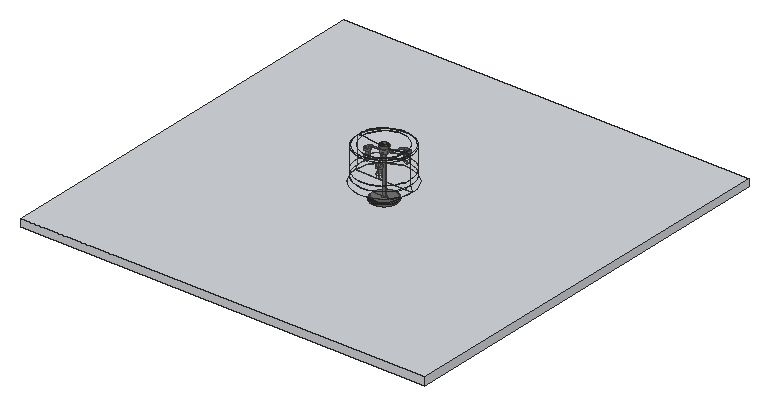
Revit family "P350153-031", category Lighting Fixtures, host Face, Revit 2014
Parameters (values of type "P350153-031")
  Watts = 60 W
  Wattage Comments = "60W"
  Warranty = "5 years Warranty"  # constant formula
  Voltage = 120 V
  URL = "https://www.hubbell.com/progresslighting/en"
  Product Link = "https://www.hubbell.com/progresslighting/en/Products/Lighting-Controls/Residential-Indoor-Lighting/New-Indoor-Products/Winslett-Collection-Black-Three-Light-Semi-Flush-Convertible/p/3980574"
  Product Documentation Link = "https://hubbellcdn.com/specsheet/PROG_P350153-031_spec.pdf"
  Power Factor = 1
  Model = "P350153-031"  # constant formula
  Manufacturer = "Progress Lighting"  # constant formula
  Load Classification = Lighting
  Diameter = 13 3/4"
  Lamp = "LED"  # constant formula
  Housing Material = Paint - Hubbell - Textured Camera Black
  Glass = Hubbell - Glass
  Fixture distribution = "Direct"  # constant formula
  Features = "• Lightly seeded glass shade rest in shiny pedestal light bases that add an unexpected, but\r\nwelcomed dash of modern personality to this clean, traditional design.\r\n• Savor this fresh take on a classic light choice as your gaze traces graceful arms and clean,\r\ncrisp lines coated in a gorgeous black finish.\r\n• Immerse yourself in a home atmosphere primed for relaxation and inspired thinking with the\r\nsemi-flush mount’s beautiful craftmanship.\r\n• Ideal for any hall, foyer, stairways, or kitchen.\r\n• Perfect for transitional, rustic, farmhouse, or coastal settings.\r\n• Measures 13-3/4-inch width by 11-7/8-inch height.\r\n• Use three candelabra base bulb that is sold separately (60w max - LED or incandescent).\r\n• Able to be fully dimmable with dimmable bulbs.\r\n• Includes installation instructions and mounting hardware.\r\n• Progress Lighting products are designed for exceptional quality, reliability, and functionality"  # constant formula
  Height = 11 7/8"
  Description = "Immerse yourself in a home atmosphere primed for relaxation and inspired\r\nthinking with the beautiful craftsmanship of this semi-flush mount. Savor\r\nthis fresh take on a classic light choice as your gaze traces graceful arms\r\nand clean, crisp lines coated in a gorgeous black finish. Lightly seeded glass\r\nshade rest in shiny pedestal light bases that add an unexpected, but welcomed dash of modern personality to this clean, traditional design"  # constant formula
  Default Elevation = 48"
  Copyright = " ©2020 Progress Lighting, a division of Hubbell Lighting, Inc"  # constant formula
  Contact = "https://www.hubbell.com/progresslighting/en/contactUs"
  Connector Description = "Lighting Connector"  # constant formula
  Assembly Code = "D5020200"
  Apparent Load = Watts / Power Factor  # 60 VA
Reference planes (in)
  plane 1 "Center (Front/Back)": y = 0
  plane 2: z = 0.5561
  plane 3 "Center (Left/Right)": x = 0
  plane 4: x = -6.875
  plane 5: x = 6.875
  plane 6: y = 6.875
  plane 7: y = -6.875
  plane 8: z = 12.4311
  plane 9: z = 51.0561
Forms (in)
  Extrusion 1, solid
    sketch origin (0, 0, 0) x (1, 0, 0) y (0, 1, 0)
      loop
        line (-48, 48) -> (-48, -48) -> (48, -48) -> (48, 48) -> (-48, 48)
    from 0.5561 to -1.25
  Revolve 2, solid, material "Paint - Hubbell - Textured Camera Black" <- "Housing Material"
    sketch origin (0, 0, 0) x (1, 0, 0) y (0, 0, 1)
      loop
        line (0, 0.5561) -> (3, 0.5561) -> (3, 0.8061) -> (2.75, 0.8061) -> (2.75, 0.95756) -> (2.65256, 0.95756) -> (2.65256, 1.07873) -> (0.40256, 1.07873) -> (0.40256, 1.14825) -> (0.28723, 1.14825) -> (0.28723, 10.4311) -> (0.78723, 10.4311) -> (0.78723, 11.16232) -> (0.28723, 11.16232) -> (0.28723, 11.6186) -> (0.95618, 11.6186) -> (0.95618, 11.9936) -> (0.56602, 11.9936) -> (0.56602, 12.08923) -> (0.49583, 12.08923) -> (0.49583, 12.13937) -> (0.66965, 12.13937) -> (0.66965, 12.23296) -> (0, 12.23296) -> (0, 11.9936) -> (0, 0.5561)
      axis (0, 12.23296) -> (0, 0.5561)
    angle from 0 to 360
  Revolve 3, solid, material "Hubbell - Glass" <- "Glass"
    sketch origin (0, 0, 0) x (1, 0, 0) y (0, 0, 1)
      loop
        line (0, 4.20553) -> (6.875, 4.20553)
        arc (6.875, 4.20553) -> (6.52708, 4.80815) -> (6.40625, 5.49341) r 2.00359
        line (6.40625, 5.49341) -> (6.40625, 6.74341) -> (6.40625, 11.75629)
        arc (6.40625, 11.75629) -> (6.33755, 11.92842) -> (6.1692, 12.00595) r 0.25
        line (6.1692, 12.00595) -> (5.1692, 12.00595)
        arc (5.1692, 12.00595) -> (2.59982, 11.60754) -> (0, 11.64449) r 15.49049
        line (0, 11.64449) -> (0, 4.20553)
      axis (0, 12.00595) -> (0, 4.20553)
    angle from 0 to 360
  Revolve 4, solid, material "Paint - Hubbell - Textured Camera Black" <- "Housing Material"
    sketch origin (0, 0, 0) x (1, 0, 0) y (0, 0, 1)
      loop
        line (-4.01672, 9.97305) -> (-4.01672, 8.72305) -> (-3.80156, 8.72305) -> (-3.64172, 8.72305) -> (-3.64172, 9.72305) -> (-3.32922, 9.72305) -> (-3.32922, 9.97305) -> (-4.01672, 9.97305)
      axis (-4.01672, 9.97305) -> (-4.01672, 8.72305)
    angle from 0 to 360
  Sweep 5, solid, material "Paint - Hubbell - Textured Camera Black" <- "Housing Material"
    path origin (0, 0, 0) x (1, 0, 0) y (0, 0, 1)
      loop
        arc (-4.01672, 9.97305) -> (-3.80961, 10.47305) -> (-3.30961, 10.68015) r 0.70711
        line (-3.30961, 10.68015) -> (-0.30961, 10.68015)
    profile origin (-3.80961, 0, 10.47305) x (-0.707107, 0, 0.707107) y (0, -1, 0)
      loop
        circle (0, 0) r 0.1
  Revolve 6, solid, material "Hubbell - Glass" <- "Glass"
    sketch origin (0, 0, 0) x (1, 0, 0) y (0, 0, 1)
      loop
        line (-4.01672, 8.72305) -> (-4.01672, 7.04688)
        arc (-4.01672, 7.04688) -> (-3.91657, 7.07194) -> (-3.83191, 7.13102) r 0.28506
        arc (-3.83191, 7.13102) -> (-3.51771, 7.62137) -> (-3.44363, 8.19902) r 1.32745
        arc (-3.44363, 8.19902) -> (-3.58015, 8.52894) -> (-3.87982, 8.72305) r 0.60051
        line (-3.87982, 8.72305) -> (-4.01672, 8.72305)
      axis (-4.01672, 8.72305) -> (-4.01672, 7.04688)
    angle from 0 to 360
  Revolve 7, solid, material "Paint - Hubbell - Textured Camera Black" <- "Housing Material"
    sketch origin (0.43085, 0.24875, 0) x (-0.5, -0.866025, 0) y (0, 0, 1)
      loop
        line (-4.01672, 9.97305) -> (-4.01672, 8.72305) -> (-3.80156, 8.72305) -> (-3.64172, 8.72305) -> (-3.64172, 9.72305) -> (-3.32922, 9.72305) -> (-3.32922, 9.97305) -> (-4.01672, 9.97305)
      axis (-4.01672, 9.97305) -> (-4.01672, 8.72305)
    angle from 0 to 360
  Sweep 8, solid, material "Paint - Hubbell - Textured Camera Black" <- "Housing Material"
    path origin (0.43085, 0.24875, 0) x (-0.5, -0.866025, 0) y (0, 0, 1)
      loop
        arc (-4.01672, 9.97305) -> (-3.80961, 10.47305) -> (-3.30961, 10.68015) r 0.70711
        line (-3.30961, 10.68015) -> (-0.30961, 10.68015)
    profile origin (2.33565, 3.54797, 10.47305) x (0.353553, 0.612372, 0.707107) y (-0.866025, 0.5, 0)
      loop
        circle (0, 0) r 0.1
  Revolve 9, solid, material "Hubbell - Glass" <- "Glass"
    sketch origin (0.43085, 0.24875, 0) x (-0.5, -0.866025, 0) y (0, 0, 1)
      loop
        line (-4.01672, 8.72305) -> (-4.01672, 7.04688)
        arc (-4.01672, 7.04688) -> (-3.91657, 7.07194) -> (-3.83191, 7.13102) r 0.28506
        arc (-3.83191, 7.13102) -> (-3.51771, 7.62137) -> (-3.44363, 8.19902) r 1.32745
        arc (-3.44363, 8.19902) -> (-3.58015, 8.52894) -> (-3.87982, 8.72305) r 0.60051
        line (-3.87982, 8.72305) -> (-4.01672, 8.72305)
      axis (-4.01672, 8.72305) -> (-4.01672, 7.04688)
    angle from 0 to 360
  Revolve 10, solid, material "Paint - Hubbell - Textured Camera Black" <- "Housing Material"
    sketch origin (0, -0.4975, 0) x (-0.5, 0.866025, 0) y (0, 0, 1)
      loop
        line (-4.01672, 9.97305) -> (-4.01672, 8.72305) -> (-3.80156, 8.72305) -> (-3.64172, 8.72305) -> (-3.64172, 9.72305) -> (-3.32922, 9.72305) -> (-3.32922, 9.97305) -> (-4.01672, 9.97305)
      axis (-4.01672, 9.97305) -> (-4.01672, 8.72305)
    angle from 0 to 360
  Sweep 11, solid, material "Paint - Hubbell - Textured Camera Black" <- "Housing Material"
    path origin (0, -0.4975, 0) x (-0.5, 0.866025, 0) y (0, 0, 1)
      loop
        arc (-4.01672, 9.97305) -> (-3.80961, 10.47305) -> (-3.30961, 10.68015) r 0.70711
        line (-3.30961, 10.68015) -> (-0.30961, 10.68015)
    profile origin (1.9048, -3.79672, 10.47305) x (0.353553, -0.612372, 0.707107) y (0.866025, 0.5, 0)
      loop
        circle (0, 0) r 0.1
  Revolve 12, solid, material "Hubbell - Glass" <- "Glass"
    sketch origin (0, -0.4975, 0) x (-0.5, 0.866025, 0) y (0, 0, 1)
      loop
        line (-4.01672, 8.72305) -> (-4.01672, 7.04688)
        arc (-4.01672, 7.04688) -> (-3.91657, 7.07194) -> (-3.83191, 7.13102) r 0.28506
        arc (-3.83191, 7.13102) -> (-3.51771, 7.62137) -> (-3.44363, 8.19902) r 1.32745
        arc (-3.44363, 8.19902) -> (-3.58015, 8.52894) -> (-3.87982, 8.72305) r 0.60051
        line (-3.87982, 8.72305) -> (-4.01672, 8.72305)
      axis (-4.01672, 8.72305) -> (-4.01672, 7.04688)
    angle from 0 to 360
Dimensions and locks (in)
  "Diameter": plane 4 to plane 5
  "Diameter": plane 7 to plane 6
  "Height": plane 8 to plane 2
  equal spacing: plane 7, plane 1 "Center (Front/Back)", plane 6
  equal spacing: plane 4, plane 3 "Center (Left/Right)", plane 5
  plane 8 to Extrusion 1 = 11 7/8"
  plane 9 to plane 8 to plane 2 = 38 5/8", 11 7/8"
  aligned and locked: plane 2 to Extrusion 1
Automatic sketch dimensions
  Extrusion 1 sketch curve to Extrusion 1 sketch curve = 96"  (x2)
  plane 4 to Revolve 4 sketch curve = 3.07344"
  Revolve 4 sketch curve to Revolve 4 sketch curve = 0.15984"
  Revolve 4 sketch curve to Revolve 4 sketch curve = 5/16"
  Revolve 4 sketch curve to plane 8 = 3.70806"
  Revolve 4 sketch curve to Revolve 4 sketch curve = 1"
  Revolve 4 sketch curve to Revolve 4 sketch curve = 1/4"
  Revolve 4 sketch curve to Revolve 4 sketch curve = 3/8"
  plane 4 to Revolve 4 sketch curve = 2.85828"
  Revolve 4 sketch curve to Revolve 4 sketch curve = 3 3/4"
  Revolve 4 sketch curve to Revolve 4 sketch curve = 1/2"
  Sweep 5 sketch curve to plane 3 "Center (Left/Right)" = 3.30961"
  Sweep 5 sketch curve to plane 8 = 2.45806"
  Sweep 5 sketch curve to Sweep 5 sketch curve = 0.70711"
  Sweep 5 sketch curve to plane 3 "Center (Left/Right)" = 0.30961"
  plane 1 "Center (Front/Back)" to Sweep 5 sketch curve = 0"
  Sweep 5 sketch curve to profile plane = 0"
  plane 4 to Revolve 6 sketch curve = 2.10972"
  Revolve 6 sketch curve to Revolve 6 sketch curve = 0.74856"
  Revolve 6 sketch curve to Revolve 6 sketch curve = 0.01796"  (x2)
  Revolve 6 sketch curve to Revolve 6 sketch curve = 0.02497"
  Revolve 6 sketch curve to plane 8 = 5.38422"
  Revolve 6 sketch curve to Revolve 6 sketch curve = 0.28449"
  Revolve 6 sketch curve to Revolve 6 sketch curve = 0.74355"
  Revolve 6 sketch curve to Revolve 6 sketch curve = 0.06984"
  Revolve 6 sketch curve to Revolve 6 sketch curve = 0"  (x3)
  Revolve 6 sketch curve to Revolve 6 sketch curve = 0.13689"
  Revolve 6 sketch curve to Revolve 6 sketch curve = 0.14167"
  Revolve 7 sketch curve to plane 8 = 2.45806"
  Revolve 7 sketch curve to Revolve 7 sketch curve = 0.21516"
  Revolve 7 sketch curve to Revolve 7 sketch curve = 3/8"
  Revolve 7 sketch curve to Revolve 7 sketch curve = 5/16"
  Revolve 7 sketch curve to Revolve 7 sketch curve = 1/4"
  Revolve 7 sketch curve to Revolve 7 sketch curve = 1"
  Revolve 7 sketch curve to Revolve 7 sketch curve = 0"
  Revolve 7 sketch curve to Revolve 7 sketch curve = 3 3/4"
  Revolve 7 sketch curve to Revolve 7 sketch curve = 1/2"
  Sweep 8 sketch curve to plane 8 = 1.75095"
  Sweep 8 sketch curve to Sweep 8 sketch curve = 0.70711"
  Sweep 8 sketch curve to Sweep 8 sketch curve = 3"
  profile plane to Sweep 8 sketch curve = 0"
  Sweep 8 sketch curve to profile plane = 0"
  Revolve 9 sketch curve to plane 8 = 4.35618"
  Revolve 9 sketch curve to Revolve 9 sketch curve = 0.72359"
  Revolve 9 sketch curve to Revolve 9 sketch curve = 0.00701"
  Revolve 9 sketch curve to Revolve 9 sketch curve = 0.02497"
  Revolve 9 sketch curve to Revolve 9 sketch curve = 0.13689"
  Revolve 9 sketch curve to Revolve 9 sketch curve = 0.74355"
  Revolve 9 sketch curve to Revolve 9 sketch curve = 0.28449"
  Revolve 9 sketch curve to Revolve 9 sketch curve = 0.06984"
  Revolve 9 sketch curve to Revolve 9 sketch curve = 0.57828"
  Revolve 9 sketch curve to Revolve 9 sketch curve = 0.01796"
  Revolve 9 sketch curve to Revolve 9 sketch curve = 0.18481"
  Revolve 9 sketch curve to Revolve 9 sketch curve = 0.14167"
  Revolve 9 sketch curve to Revolve 9 sketch curve = 0"
  Revolve 10 sketch curve to plane 8 = 2.45806"
  Revolve 10 sketch curve to Revolve 10 sketch curve = 0.21516"
  Revolve 10 sketch curve to Revolve 10 sketch curve = 3/8"
  Revolve 10 sketch curve to Revolve 10 sketch curve = 5/16"
  Revolve 10 sketch curve to Revolve 10 sketch curve = 1/4"
  Revolve 10 sketch curve to Revolve 10 sketch curve = 1"
  Revolve 10 sketch curve to Revolve 10 sketch curve = 0"
  Revolve 10 sketch curve to Revolve 10 sketch curve = 3 3/4"
  Revolve 10 sketch curve to Revolve 10 sketch curve = 1/2"
  Sweep 11 sketch curve to plane 8 = 1.75095"
  Sweep 11 sketch curve to Sweep 11 sketch curve = 0.70711"
  Sweep 11 sketch curve to Sweep 11 sketch curve = 3"
  Sweep 11 sketch curve to profile plane = 0"  (x2)
  Revolve 12 sketch curve to plane 8 = 4.35618"
  Revolve 12 sketch curve to Revolve 12 sketch curve = 0.72359"
  Revolve 12 sketch curve to Revolve 12 sketch curve = 0.00701"
  Revolve 12 sketch curve to Revolve 12 sketch curve = 0.02497"
  Revolve 12 sketch curve to Revolve 12 sketch curve = 0.13689"
  Revolve 12 sketch curve to Revolve 12 sketch curve = 0.74355"
  Revolve 12 sketch curve to Revolve 12 sketch curve = 0.28449"
  Revolve 12 sketch curve to Revolve 12 sketch curve = 0.06984"
  Revolve 12 sketch curve to Revolve 12 sketch curve = 0.57828"
  Revolve 12 sketch curve to Revolve 12 sketch curve = 0.01796"
  Revolve 12 sketch curve to Revolve 12 sketch curve = 0.18481"
  Revolve 12 sketch curve to Revolve 12 sketch curve = 0.14167"
  Revolve 12 sketch curve to Revolve 12 sketch curve = 0"
  Revolve 3 sketch curve to plane 3 "Center (Left/Right)" = 0"  (x2)
  Revolve 3 sketch curve to plane 5 = 0"
  plane 3 "Center (Left/Right)" to Revolve 3 sketch curve = 1.51926"
  Revolve 3 sketch curve to Revolve 3 sketch curve = 0.01295"
  Revolve 3 sketch curve to plane 5 = 15/32"
  plane 5 to Revolve 3 sketch curve = 1.53484"
  plane 2 to Revolve 3 sketch curve = 3.64943"
  Revolve 3 sketch curve to Revolve 3 sketch curve = 1 1/4"
  Revolve 3 sketch curve to plane 8 = 0.67482"
  Revolve 3 sketch curve to plane 8 = 0.42515"
  Revolve 3 sketch curve to Revolve 3 sketch curve = 1"
  Revolve 3 sketch curve to level = 0.2564"
  Revolve 3 sketch curve to plane 8 = 0.78662"
  plane 8 to Revolve 3 sketch curve = 2 3/4"
  Revolve 2 sketch curve to plane 3 "Center (Left/Right)" = 0"  (x2)
  Revolve 2 sketch curve to plane 2 = 0"
  plane 3 "Center (Left/Right)" to Revolve 2 sketch curve = 0.28723"  (x2)
  Revolve 2 sketch curve to Revolve 2 sketch curve = 0.11533"
  plane 3 "Center (Left/Right)" to Revolve 2 sketch curve = 0.49583"
  Revolve 2 sketch curve to Revolve 2 sketch curve = 0.0702"
  Revolve 2 sketch curve to Revolve 2 sketch curve = 0.10362"
  Revolve 2 sketch curve to Revolve 2 sketch curve = 1/2"
  Revolve 2 sketch curve to Revolve 2 sketch curve = 0.28653"
  plane 2 to Revolve 2 sketch curve = 0.40146"
  Revolve 2 sketch curve to Revolve 2 sketch curve = 2 1/4"
  Revolve 2 sketch curve to Revolve 2 sketch curve = 0.09744"
  Revolve 2 sketch curve to Revolve 2 sketch curve = 1/4"  (x2)
  Revolve 2 sketch curve to Revolve 2 sketch curve = 0.12116"
  Revolve 2 sketch curve to Revolve 2 sketch curve = 0.06953"
  Revolve 2 sketch curve to plane 8 = 2"
  Revolve 2 sketch curve to Revolve 2 sketch curve = 0.73122"
  Revolve 2 sketch curve to Revolve 2 sketch curve = 0.45628"
  Revolve 2 sketch curve to Revolve 2 sketch curve = 0.09562"
  Revolve 2 sketch curve to Revolve 2 sketch curve = 0.05014"
  Revolve 2 sketch curve to level = 24"
  Revolve 2 sketch curve to Revolve 2 sketch curve = 0.09359"
  Revolve 2 sketch curve to plane 8 = 0.19814"
  Revolve 2 sketch curve to plane 9 = 14.47443"
  Revolve 2 sketch curve to Revolve 2 sketch curve = 0.23936"
  radius of Sweep 5 sketch curve = 0.1"
  radius of Sweep 8 sketch curve = 0.1"
  radius of Sweep 11 sketch curve = 0.1"
Nested families (in)
  nested 1: "Family1" at (2.4892, 3.81393, 6.9375), type "Family1"
  nested 2: "Family1" at (1.99628, -3.90823, 6.9375), type "Family1"
  nested 3: "Family1" at (-4.10298, -0.05057, 6.9375), type "Family1"
Connectors (in)
  electrical at (0, 0, 0.5561), driven by "Voltage", driven by "Apparent Load", driven by "Power Factor", driven by "Connector Description"
    settings: on Revolve 2, index 1, voltage 120 V, apparent load 60 VA, apparent load phase1 0 VA, apparent load phase2 0 VA, apparent load phase3 0 VA, power factor 1, load classification "Other", number of poles 1, system type 30, power factor state 1, is connector primary yes, connector utility no, sub classification motor no, connector description "Lighting Connector"
Definition of nested family "Family1"
  Parameters (values of type "Family1")
    Wattage = 60 W
    built-in parameter 1150110 = 1 (stored number, unit not read)
    built-in parameter 1114217 = 1 (stored number, unit not read)
    Tilt Angle = 60.00°
    built-in parameter 1150109 = 1 (stored number, unit not read)
    built-in parameter 1150134 = 3
    built-in parameter 1150113 = 1 (stored number, unit not read)
    Photometric Web File = "generic"
    built-in parameter 1150142 = (empty or 0)
    built-in parameter 1150105 = 381.97 (stored number, unit not read)
    Lumens = 4800 lm
    built-in parameter 1150115 = 1 (stored number, unit not read)
    built-in parameter 1150137 = (empty or 0)
    built-in parameter 1150139 = (empty or 0)
    built-in parameter 1150112 = 1 (stored number, unit not read)
    built-in parameter 1150114 = 1 (stored number, unit not read)
    built-in parameter 1150132 = (empty or 0)
    built-in parameter 1150102 = (empty or 0)
    built-in parameter 1150107 = 3200 (stored number, unit not read)
    built-in parameter 1150138 = (empty or 0)
    built-in parameter 1150106 = 3.8197 (stored number, unit not read)
    built-in parameter 1150104 = 7.4322 (stored number, unit not read)
    Dimming Lamp Color Temperature Shift = (empty or 0)
    Color Filter = 16777215
    built-in parameter 1114218 = 1 (stored number, unit not read)
    built-in parameter 1150133 = 10 (stored number, unit not read)
  Reference planes (in)
    plane 1 "Center (Front/Back)": y = 0
    plane 2: z = 0
    plane 3 "Center (Left/Right)": x = 0
  Dimensions and locks (in)
    aligned and locked: level to plane 2
